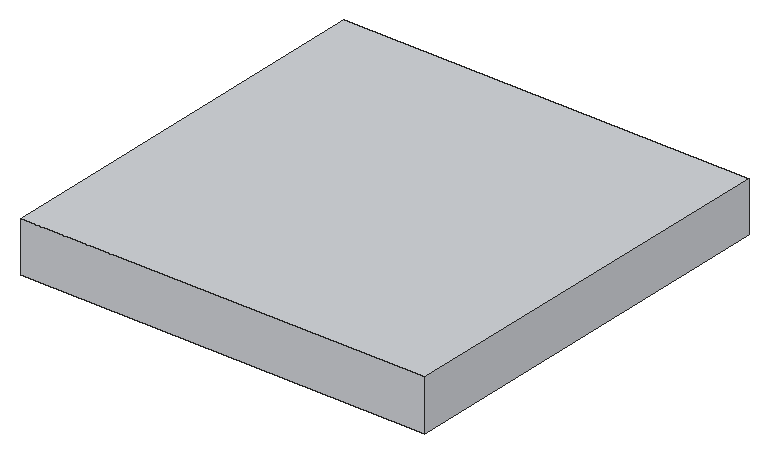
Revit family "b773bf9d4de548b497814219b84686ef", category Lighting Fixtures, host Face, Revit 2021
Family settings
  Host = Face
  Round Connector Dimension = Use Diameter
  Part Type = Normal
  OmniClass Number = 23.80.70.11.11
  OmniClass Title = General Luminaries, Non Directional
  Seek Item ID = Surface Lighting Fixture - Two Ballast-0000-USA-ENU
  Cut with Voids When Loaded = No
  Light Source = Yes
  Shared = No
  Room Calculation Point = No
Parameters (values of type "4'x4'(6 Lamp) - 277V")
  Width1 = Box Width / 2  # 2' - 0"
  Wattage = 192 W
  built-in parameter 1150110 = 1 (stored number, unit not read)
  built-in parameter 1150109 = 1 (stored number, unit not read)
  built-in parameter 1150134 = 8
  built-in parameter 1150113 = 1 (stored number, unit not read)
  Tilt Angle = -90.00°
  built-in parameter 1150115 = 1 (stored number, unit not read)
  built-in parameter 1150105 = 1504.1 (stored number, unit not read)
  Load Classification = Lighting - Dwelling Unit
  built-in parameter 1150137 = 1
  built-in parameter 1150139 = (empty or 0)
  Length 2 = Box Length / 2  # 2' - 0"
  built-in parameter 1150112 = 1 (stored number, unit not read)
  built-in parameter 1150114 = 1 (stored number, unit not read)
  Lamp = "T-8"
  built-in parameter 1150132 = (empty or 0)
  built-in parameter 1150102 = (empty or 0)
  built-in parameter 1150138 = (empty or 0)
  built-in parameter 1150107 = 4230 (stored number, unit not read)
  built-in parameter 1150106 = 15.041 (stored number, unit not read)
  Emit from Rectangle Width = Box Width  # 4' - 0"
  Emit from Rectangle Length = Box Length  # 4' - 0"
  Emit Shape Visible in Rendering = no
  built-in parameter 1150104 = 9.1454 (stored number, unit not read)
  Dimming Lamp Color Temperature Shift = <None>
  Color Filter = 16777215
  Box Width = 4' - 0"
  Lumens = 18900.5 lm
  built-in parameter 1114217 = 0.88 (stored number, unit not read)
  Box Length = 4' - 0"
  Lenght1 = Box Length / 3  # 1' - 4"
  Photometric Web File = "S4x46A12.ies"
  Box Height = 0' - 6"
  Default Elevation = 4' - 0"
  built-in parameter 1140040 [instance] = 1
  Ballast Voltage = 277 V
  Ballast Number of Poles = 1
  built-in parameter 1114218 = 0.88 (stored number, unit not read)
  built-in parameter 1150133 = 10 (stored number, unit not read)
  Assembly Code = ""
  Apparent Load = 192 VA
Types (8): name | Width1 | Wattage | built-in parameter 1150105 | built-in parameter 1150137 | Length 2 | built-in parameter 1150132 | built-in parameter 1150106 | Emit from Rectangle Width | Emit from Rectangle Length | built-in parameter 1150104 | Box Width | Lumens | built-in parameter 1114217 | Box Length | Lenght1 | Photometric Web File | Ballast Voltage | Apparent Load
  1'x4'(2 Lamp) - 120V | 0' - 6" | 64 W | 461.57 (stored number, unit not read) | 1 | 2' - 0" | (empty or 0) | 4.6157 (stored number, unit not read) | 1' - 0" | 4' - 0" | 8.4198 (stored number, unit not read) | 1' - 0" | 5800.32 lm | 0.88 (stored number, unit not read) | 4' - 0" | 1' - 4" | "S1x42A12.ies" | 120 V | 64 VA
  1'x4'(2 Lamp) - 277V | 0' - 6" | 64 W | 461.57 (stored number, unit not read) | 1 | 2' - 0" | (empty or 0) | 4.6157 (stored number, unit not read) | 1' - 0" | 4' - 0" | 8.4198 (stored number, unit not read) | 1' - 0" | 5800.32 lm | 0.88 (stored number, unit not read) | 4' - 0" | 1' - 4" | "S1x42A12.ies" | 277 V | 64 VA
  2'x2'(2 Lamp) - 120V | 1' - 0" | 62 W | 445.62 (stored number, unit not read) | 1 | 1' - 0" | (empty or 0) | 4.4562 (stored number, unit not read) | 2' - 0" | 2' - 0" | 8.391 (stored number, unit not read) | 2' - 0" | 5599.84 lm | 0.88 (stored number, unit not read) | 2' - 0" | 0' - 8" | "S2x22UA12.ies" | 120 V | 62 VA
  2'x2'(2 Lamp) - 277V | 1' - 0" | 62 W | 445.62 (stored number, unit not read) | 1 | 1' - 0" | (empty or 0) | 4.4562 (stored number, unit not read) | 2' - 0" | 2' - 0" | 8.391 (stored number, unit not read) | 2' - 0" | 5599.84 lm | 0.88 (stored number, unit not read) | 2' - 0" | 0' - 8" | "S2x22UA12.ies" | 277 V | 62 VA
  2'x4'(3 Lamp) - 120V | 1' - 0" | 96 W | 692.36 (stored number, unit not read) | 1 | 2' - 0" | (empty or 0) | 6.9236 (stored number, unit not read) | 2' - 0" | 4' - 0" | 8.4198 (stored number, unit not read) | 2' - 0" | 8700.48 lm | 0.88 (stored number, unit not read) | 4' - 0" | 1' - 4" | "S2x43A12.ies" | 120 V | 96 VA
  2'x4'(3 Lamp) - 277V | 1' - 0" | 96 W | 692.32 (stored number, unit not read) | (empty or 0) | 2' - 0" | 2 | 6.9232 (stored number, unit not read) | 2' - 0" | 4' - 0" | 8.4193 (stored number, unit not read) | 2' - 0" | 8700 lm | 0.748 (stored number, unit not read) | 4' - 0" | 1' - 4" | "S2x43A12.ies" | 277 V | 96 VA
  4'x4'(6 Lamp) - 120V | 2' - 0" | 192 W | 1504.1 (stored number, unit not read) | 1 | 2' - 0" | (empty or 0) | 15.041 (stored number, unit not read) | 4' - 0" | 4' - 0" | 9.1454 (stored number, unit not read) | 4' - 0" | 18900.5 lm | 0.88 (stored number, unit not read) | 4' - 0" | 1' - 4" | "S4x46A12.ies" | 120 V | 192 VA
  4'x4'(6 Lamp) - 277V | 2' - 0" | 192 W | 1504.1 (stored number, unit not read) | 1 | 2' - 0" | (empty or 0) | 15.041 (stored number, unit not read) | 4' - 0" | 4' - 0" | 9.1454 (stored number, unit not read) | 4' - 0" | 18900.5 lm | 0.88 (stored number, unit not read) | 4' - 0" | 1' - 4" | "S4x46A12.ies" | 277 V | 192 VA
Reference planes (in)
  plane 1 "none": y = -18.92436
  plane 2: z = 0
  plane 3 "Center (Left/Right)": x = -36.96268
  plane 4 "Center (Front/Back)": y = 29.07564
  plane 5: x = 11.03732
  plane 6: z = 6
  plane 7: y = 5.07564
  plane 8: x = -20.96268
  plane 9: x = -4.96268
  plane 10: x = -12.96268
Forms (in)
  Extrusion 1, solid
    sketch origin (0, 0, 0) x (1, 0, 0) y (0, 1, 0)
      loop
        line (-36.96268, 29.07564) -> (-36.96268, -18.92436) -> (11.03732, -18.92436) -> (11.03732, 29.07564) -> (-36.96268, 29.07564)
    from 0 to 6
  Extrusion 2, solid
    sketch origin (0, 0, 0) x (1, 0, 0) y (0, 1, 0)
      loop
        circle (-20.96268, 5.07564) r 2
      loop
        circle (-4.96268, 5.07564) r 2
    from 0 to 6
Cuts and joins
  joined: Extrusion 1, Extrusion 2
Dimensions and locks (in)
  "Box Width": plane 1 "none" to plane 4 "Center (Front/Back)"
  "Box Length": plane 3 "Center (Left/Right)" to plane 5
  "Box Height": host face to plane 6
  "Width1": plane 4 "Center (Front/Back)" to plane 7
  "Lenght1": plane 3 "Center (Left/Right)" to plane 8
  "Lenght1": plane 9 to plane 5
  "Length 2": plane 3 "Center (Left/Right)" to plane 10
  aligned and locked: plane 2 to host face
  aligned and locked: level to host face
  aligned and locked: plane 3 "Center (Left/Right)" to Extrusion 1 sketch curve
  aligned and locked: Extrusion 1 sketch curve to plane 4 "Center (Front/Back)"
  aligned and locked: plane 1 "none" to Extrusion 1 sketch curve
  aligned and locked: Extrusion 1 sketch curve to plane 5
  aligned and locked: Extrusion 1 to plane 6
  aligned and locked: plane 6 to Extrusion 2
  aligned and locked: Extrusion 2 to plane 2
  aligned and locked: plane 7 to imposter light
  aligned and locked: plane 10 to imposter light
  aligned and locked: plane 6 to imposter light
Automatic sketch dimensions
  host sketch curve to host sketch curve = 11' - 0.96268"
  host sketch curve to host sketch curve = 7' - 6.92436"
  Extrusion 2 sketch curve to plane 7 = 0' - 0"  (x2)
  Extrusion 2 sketch curve to plane 8 = 0' - 0"
  Extrusion 2 sketch curve to plane 9 = 0' - 0"
  radius of Extrusion 2 sketch curve = 0' - 2"  (x2)
Connectors (in)
  electrical at (-20.96268, 5.07564, 6), driven by "Ballast Voltage", driven by "Apparent Load", driven by "Ballast Number of Poles", driven by "Load Classification"
    settings: on Extrusion 2, index 1, voltage 277 V, apparent load 0 VA, apparent load phase1 192 VA, apparent load phase2 0 VA, apparent load phase3 0 VA, power factor 0.95, load classification "Lighting - Dwelling Unit", number of poles 1, system type 31, power factor state 1, is connector primary yes, connector utility no, sub classification motor no, connector description ""
  electrical at (-4.96268, 5.07564, 6), driven by "Ballast Voltage", driven by "Apparent Load", driven by "Ballast Number of Poles", driven by "Load Classification"
    settings: on Extrusion 2, index 2, voltage 277 V, apparent load 0 VA, apparent load phase1 192 VA, apparent load phase2 0 VA, apparent load phase3 0 VA, power factor 0.95, load classification "Lighting - Dwelling Unit", number of poles 1, system type 31, power factor state 1, is connector primary no, connector utility no, sub classification motor no, connector description ""
